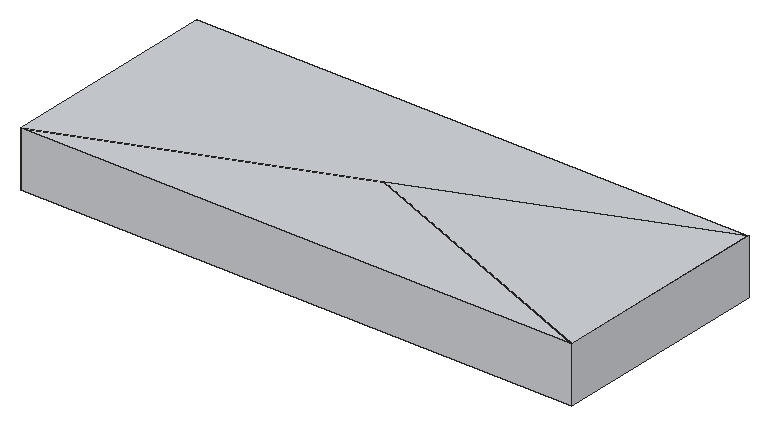
Revit family "電線管用ファミリ(片側のみ)_15", category Electrical Fixtures, Revit 2022
Family settings
  Round Connector Dimension = Use Diameter
  Part Type = Normal
  OmniClass Number = 23.80.00.00
  OmniClass Title = Electric Power and Lighting
  Work Plane-Based = No
  Always vertical = Yes
  Cut with Voids When Loaded = No
  Maintain Annotation Orientation = No
  Shared = No
  Room Calculation Point = No
Parameters
  コネクタ直径 [instance] = 16 mm
  W [instance] = 500 mm
  Default Elevation = 0 mm
  D [instance] = 200 mm
Reference planes
  plane 1 "Center (Front/Back)": y = 0
  plane 2: z = 0
  plane 3 "Center (Left/Right)": x = 0
  plane 4: x = -250
  plane 5: x = 250
  plane 6: y = 100
  plane 7: y = -100
  plane 8: z = 50
Forms (mm)
  Extrusion 1, solid
    sketch origin (0, 0, 0) x (1, 0, 0) y (0, 1, 0)
      loop
        line (-250, 100) -> (-250, -100) -> (250, -100) -> (250, 100) -> (-250, 100)
    from 0 to 50
  Extrusion 2, solid
    sketch origin (0, 0, 0) x (1, 0, 0) y (0, 1, 0)
      loop
        line (-250, 100) -> (-250, -100) -> (0, 0) -> (-250, 100)
    from 0 to 50
  Extrusion 3, solid
    sketch origin (0, 0, 0) x (1, 0, 0) y (0, 1, 0)
      loop
        line (250, 100) -> (0, 0) -> (250, -100) -> (250, 100)
    from 0 to 50
Dimensions and locks
  equal spacing: plane 4, plane 3 "Center (Left/Right)", plane 5
  "W": plane 4 to plane 5
  equal spacing: plane 6, plane 1 "Center (Front/Back)", plane 7
  "D": plane 6 to plane 7
  plane 3 "Center (Left/Right)" to Extrusion 2 = 250 mm
  aligned and locked: level to plane 2
  aligned and locked: plane 8 to Extrusion 1
  aligned and locked: Extrusion 1 to plane 4
  aligned and locked: plane 6 to Extrusion 1
  aligned and locked: plane 5 to Extrusion 1
  aligned and locked: Extrusion 1 to plane 7
  aligned and locked: plane 8 to Extrusion 2
  aligned and locked: Extrusion 2 to plane 4
  aligned and locked: plane 8 to Extrusion 3
  aligned and locked: plane 5 to Extrusion 3
Automatic sketch dimensions
  Extrusion 1 sketch curve to plane 4 = 0 mm
  Extrusion 1 sketch curve to plane 5 = 0 mm
  Extrusion 1 sketch curve to plane 7 = 0 mm
  plane 6 to Extrusion 1 sketch curve = 0 mm
  Extrusion 2 sketch curve to plane 4 = 0 mm
  plane 1 "Center (Front/Back)" to Extrusion 2 sketch curve = 0 mm
  Extrusion 2 sketch curve to plane 3 "Center (Left/Right)" = 0 mm
  Extrusion 2 sketch curve to plane 7 = 0 mm
  Extrusion 2 sketch curve to plane 6 = 0 mm
  plane 1 "Center (Front/Back)" to Extrusion 3 sketch curve = 0 mm
  Extrusion 3 sketch curve to plane 3 "Center (Left/Right)" = 0 mm
  Extrusion 3 sketch curve to plane 5 = 0 mm
  Extrusion 3 sketch curve to plane 7 = 0 mm
  Extrusion 3 sketch curve to plane 6 = 0 mm
Connectors
  cabletrayconduit at (0, 0, 50), diameter 16
    settings: on Extrusion 1, index 1, connector width 300 mm, connector height 300 mm, connector angle 0.00°, system type 32, placement type 0, profile type 0, connector reference index -1, is primary connector yes, connector utility param no, connector description ""
